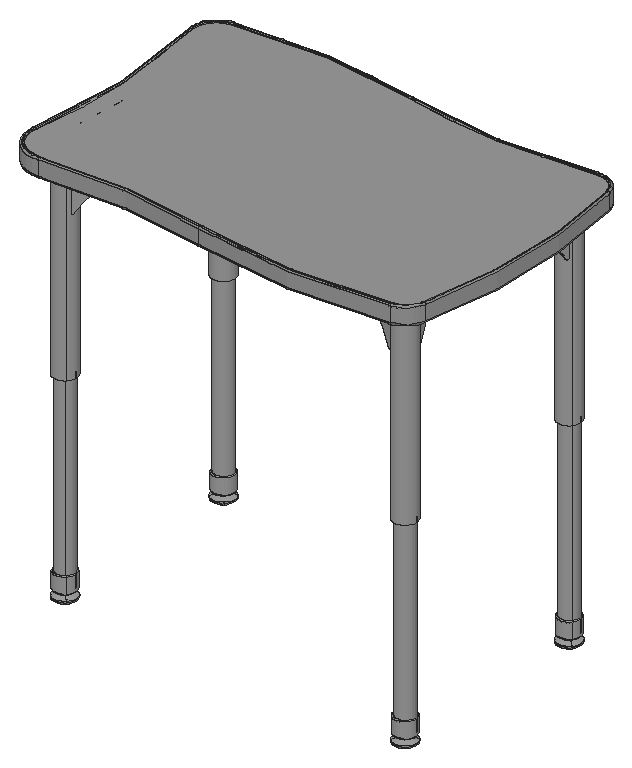
Revit family "Porcelain Steel Creator Rectangle Desk", category Furniture, Revit 2018
Family settings
  Work Plane-Based = No
  Always vertical = Yes
  Cut with Voids When Loaded = No
  Shared = No
  Room Calculation Point = No
Parameters
  Desk Height = 2' - 5"
  Leg Finish = Hierarchy Leg Platinum
  Caster/Glide = Hierarchy Leg - Glide : Hierarchy Leg - Glide
Reference planes (in)
  plane 1 "Center (Front/Back)": y = 0
  plane 2: z = 0
  plane 3 "Center (Left/Right)": x = 0
  plane 4: z = 29
Dimensions and locks (in)
  "Desk Height": plane 4 to level
  aligned and locked: plane 2 to level
  aligned and locked: plane 4 to nested 1
Nested families (in)
  nested 1: "Porcelain Creator Rectangle Desk Tabletop" at (0, 0, 15.70205), type "Porcelain Creator Rectangle Desk Tabletop"
  nested 2: "Hierarchy Leg - Glide" at (-12.46997, 8.01382, 0) x (0.7071, 0.7071, 0) z (0, 0, 1), type <- "Caster/Glide", Leg Finish <- "Leg Finish", Leg Height <- "Desk Height", type "Hierarchy Leg - Glide"
  nested 3: "Hierarchy Leg - Glide" at (-12.30961, -6.90175, 0) x (-0.7076, 0.7066, 0) z (0, 0, 1), type <- "Caster/Glide", Leg Finish <- "Leg Finish", Leg Height <- "Desk Height", type "Hierarchy Leg - Glide"
  nested 4: "Hierarchy Leg - Glide" at (13.78827, -7.92976, 0) x (-0.7242, -0.6896, 0) z (0, 0, 1), Leg Finish <- "Leg Finish", Leg Height <- "Desk Height", type "Hierarchy Leg - Glide"
    with Leg Height 2' - 5", Leg Finish Hierarchy Leg Platinum
  nested 5: "Hierarchy Leg - Glide" at (13.85397, 7.21279, 0) x (0.8121, -0.5836, 0) z (0, 0, 1), Leg Finish <- "Leg Finish", Leg Height <- "Desk Height", type "Hierarchy Leg - Glide"
    with Leg Height 2' - 5", Leg Finish Hierarchy Leg Platinum
Definition of nested family "Porcelain Creator Rectangle Desk Tabletop"
  Parameters (values of type "Porcelain Creator Rectangle Desk Tabletop")
    Surface = none
    Edgeband = none
  Reference planes (in)
    plane 1 "Center (Front/Back)": y = 0
    plane 2: z = 0
    plane 3 "Center (Left/Right)": x = 0
  Forms (in)
    Extrusion 1, solid
      sketch origin (39.28513, -9.17802, 0) x (1, 0, 0) y (0, 1, 0)
        loop
          arc (-39.26399, 18.96346) -> (-46.05969, 19.73649) -> (-52.88567, 19.3061) r 38.85945
          arc (-52.88567, 19.3061) -> (-54.02285, 18.59597) -> (-54.28701, 17.28155) r 1.69291
          arc (-54.28701, 17.28155) -> (-53.44497, 9.9208) -> (-54.00674, 2.53336) r 39.09331
          arc (-54.00674, 2.53336) -> (-53.42548, 0.60971) -> (-51.53698, -0.07724) r 2.24409
          arc (-51.53698, -0.07724) -> (-45.35606, 0.14649) -> (-39.21721, -0.60741) r 39.09331
          arc (-39.21721, -0.60741) -> (-32.03838, -1.38819) -> (-24.83904, -0.82723) r 38.85945
          arc (-24.83904, -0.82723) -> (-23.96336, -0.38874) -> (-23.47703, 0.4613) r 1.69291
          arc (-23.47703, 0.4613) -> (-22.48778, 8.89749) -> (-23.35512, 17.34709) r 38.85945
          arc (-23.35512, 17.34709) -> (-24.05391, 18.38814) -> (-25.27727, 18.66292) r 1.69291
          arc (-25.27727, 18.66292) -> (-32.28418, 18.18244) -> (-39.26399, 18.96346) r 39.09331
      from 13.30541 to 14.53375
    Sweep 2, solid
      path origin (39.28513, -9.17802, 0) x (1, 0, 0) y (0, 1, 0)
        loop
          arc (-39.26399, 18.96346) -> (-46.05969, 19.73649) -> (-52.88567, 19.3061) r 38.85945
          arc (-52.88567, 19.3061) -> (-54.02285, 18.59597) -> (-54.28701, 17.28155) r 1.69291
          arc (-54.28701, 17.28155) -> (-53.44497, 9.9208) -> (-54.00674, 2.53336) r 39.09331
          arc (-54.00674, 2.53336) -> (-53.42548, 0.60971) -> (-51.53698, -0.07724) r 2.24409
          arc (-51.53698, -0.07724) -> (-45.35606, 0.14649) -> (-39.21721, -0.60741) r 39.09331
          arc (-39.21721, -0.60741) -> (-32.03838, -1.38819) -> (-24.83904, -0.82723) r 38.85945
          arc (-24.83904, -0.82723) -> (-23.96336, -0.38874) -> (-23.47703, 0.4613) r 1.69291
          arc (-23.47703, 0.4613) -> (-22.48778, 8.89749) -> (-23.35512, 17.34709) r 38.85945
          arc (-23.35512, 17.34709) -> (-24.05391, 18.38814) -> (-25.27727, 18.66292) r 1.69291
          arc (-25.27727, 18.66292) -> (-32.28418, 18.18244) -> (-39.26399, 18.96346) r 39.09331
      profile origin (-6.77456, 10.55846, 0) x (-0.025146, -0.999684, 0) y (0, 0, 1)
        loop
          line (0, 13.34147) -> (0, 14.50949) -> (0.10571, 14.50949) -> (0.10571, 14.54167)
          arc (0.10571, 14.54167) -> (0.07218, 14.56143) -> (0.03507, 14.57312) r 0.1716
          line (0.03507, 14.57312) -> (-0.03244, 14.57312)
          arc (-0.03244, 14.57312) -> (-0.10136, 14.54458) -> (-0.12991, 14.47566) r 0.09746
          line (-0.12991, 14.47566) -> (-0.12991, 13.3753)
          arc (-0.12991, 13.3753) -> (-0.10137, 13.30639) -> (-0.03246, 13.27785) r 0.09745
          line (-0.03246, 13.27785) -> (0.02521, 13.27783)
          arc (0.02521, 13.27783) -> (0.04767, 13.28412) -> (0.06645, 13.29795) r 0.06478
          line (0.06645, 13.29795) -> (0.06645, 13.34147) -> (0, 13.34147)
  Dimensions and locks (in)
    aligned and locked: plane 2 to level
Definition of nested family "Hierarchy Leg - Glide"
  Parameters (values of type "Hierarchy Leg - Glide")
    Leg Finish [instance] = none
    Leg Height [instance] = 2' - 5"
  Reference planes (in)
    plane 1 "Center (Front/Back)": y = 0
    plane 2: z = 0
    plane 3 "Center (Left/Right)": x = 0
  Forms (in)
    Extrusion 1, solid
      sketch origin (-0.01562, 0, 0) x (1, 0, 0) y (0, 1, 0)
        loop
          circle (0.01563, 0) r 0.67016
      from 0.67618 to 16.17618
    Revolve 2, solid
      sketch origin (0, 0, 0) x (1, 0, 0) y (0, 0, 1)
        loop
          line (-0.73189, 1.80118) -> (-0.79439, 1.73867) -> (-0.79439, 0.61381) -> (-0.73176, 0.55118) -> (-0.125, 0.55118) -> (-0.125, 0.42618) -> (-0.84656, 0.16241) -> (-0.84656, 0.08994) -> (-0.81359, 0) -> (0, 0) -> (0, 1.80118) -> (-0.73189, 1.80118)
        axis (0, 1.80118) -> (0, 0)
      angle from 0 to 360
  Dimensions and locks (in)
    "Leg Height": nested 1 to level
    aligned and locked: plane 2 to level
  Automatic sketch dimensions
    plane 1 "Center (Front/Back)" to Extrusion 1 sketch curve = 0' - 0"
    Extrusion 1 sketch curve to plane 3 "Center (Left/Right)" = 0' - 0"
    Revolve 2 sketch curve to level = 0' - 0"
    Revolve 2 sketch curve to plane 3 "Center (Left/Right)" = 0' - 0"  (x2)
    Revolve 2 sketch curve to plane 3 "Center (Left/Right)" = 0' - 0 1/8"
    Revolve 2 sketch curve to Revolve 2 sketch curve = 0' - 0.60676"
    Revolve 2 sketch curve to Revolve 2 sketch curve = 0' - 0.73189"
    Revolve 2 sketch curve to Revolve 2 sketch curve = 0' - 0.06263"  (x2)
    Revolve 2 sketch curve to Revolve 2 sketch curve = 0' - 0.08183"
    Revolve 2 sketch curve to Revolve 2 sketch curve = 0' - 0.03297"
    level to Revolve 2 sketch curve = 0' - 0.08994"
    Revolve 2 sketch curve to Revolve 2 sketch curve = 0' - 0.07247"
    level to Revolve 2 sketch curve = 0' - 0.42618"
    Revolve 2 sketch curve to Revolve 2 sketch curve = 0' - 0 1/8"
    Revolve 2 sketch curve to Revolve 2 sketch curve = 0' - 1.12486"
    Revolve 2 sketch curve to Revolve 2 sketch curve = 0' - 0 1/16"
    Revolve 2 sketch curve to level = 2' - 0"
    Revolve 2 sketch curve to Revolve 2 sketch curve = 8' - 4.91764"
    radius of Extrusion 1 sketch curve = 0' - 0.67016"
  Nested families (in)
    nested 1: "Hierarchy Upper Leg 2023" at (0, 0, 1.19783), Shapes Leg Finish <- "Leg Finish", type "Hierarchy Upper Leg 2023"
      with Shapes Leg Finish none
  Definition of nested family "Hierarchy Upper Leg 2023"
    Parameters (values of type "Hierarchy Upper Leg 2023")
      Shapes Leg Finish [instance] = none
    Reference planes (in)
      plane 1 "Center (Front/Back)": y = 0
      plane 2: z = 0
      plane 3 "Center (Left/Right)": x = 0
    Forms (in)
      Extrusion 1, solid, material <- "Shapes Leg Finish"
        sketch origin (0, 0, 0) x (1, 0, 0) y (0, 1, 0)
          loop
            circle (0, 0) r 0.84802
        from 13.67618 to 27.67618
      Extrusion 2, solid, material <- "Shapes Leg Finish"
        sketch origin (0, 0, 0) x (1, 0, 0) y (0, 1, 0)
          loop
            line (-1.70174, 0.19183) -> (-2.88626, -2.26116)
            arc (-2.88626, -2.26116) -> (-2.83993, -3.09822) -> (-2.1063, -3.50394) r 0.86614
            line (-2.1063, -3.50394) -> (2.1063, -3.50394)
            arc (2.1063, -3.50394) -> (2.83993, -3.09822) -> (2.88626, -2.26116) r 0.86614
            line (2.88626, -2.26116) -> (1.70174, 0.19183)
            arc (1.70174, 0.19183) -> (0, 1.25984) -> (-1.70174, 0.19183) r 1.88976
        from 27.67618 to 27.80217
      Extrusion 3, solid, material <- "Shapes Leg Finish"
        sketch origin (-1.48519, 8.66524, 0) x (-0.434844, 0.900506, 0) y (0, 0, 1)
          loop
            line (-9.01425, 27.67618) -> (-11.80952, 27.67618)
            arc (-11.80952, 27.67618) -> (-11.92325, 27.58993) -> (-11.87088, 27.45715) r 0.11811
            arc (-11.87088, 27.45715) -> (-10.39364, 26.29679) -> (-9.23328, 24.81955) r 7.87402
            arc (-9.23328, 24.81955) -> (-9.1005, 24.76717) -> (-9.01425, 24.88091) r 0.11811
            line (-9.01425, 24.88091) -> (-9.01425, 27.67618)
        from -1.94075 to -1.81476
      Extrusion 4, solid, material <- "Shapes Leg Finish"
        sketch origin (1.48519, 8.66524, 0) x (0.434844, 0.900506, 0) y (0, 0, -1)
          loop
            line (-9.01425, -27.67618) -> (-9.01425, -24.88091)
            arc (-9.01425, -24.88091) -> (-9.1005, -24.76717) -> (-9.23328, -24.81955) r 0.11811
            arc (-9.23328, -24.81955) -> (-10.39364, -26.29679) -> (-11.87088, -27.45715) r 7.87402
            arc (-11.87088, -27.45715) -> (-11.92325, -27.58993) -> (-11.80952, -27.67618) r 0.11811
            line (-11.80952, -27.67618) -> (-9.01425, -27.67618)
        from -1.94075 to -1.81476
    Dimensions and locks (in)
      aligned and locked: plane 2 to level
